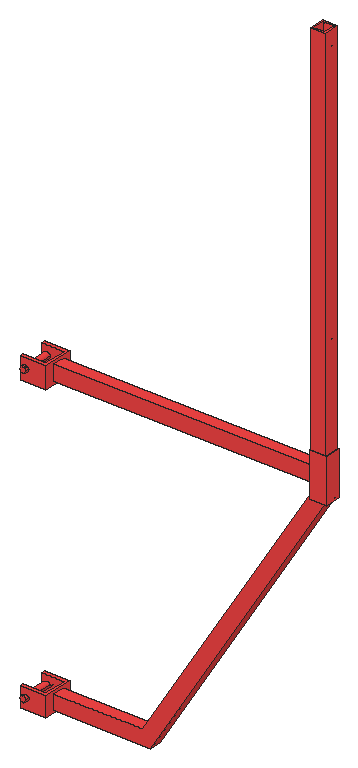
Revit family "SanCongTac-3", category Structural Framing, Revit 2019
Family settings
  Structural Framing Length Roundoff = 0 mm
  Section Shape = Not Defined
  Material for Model Behavior = Other
  Always export as geometry = No
  Work Plane-Based = No
  Always vertical = No
  Cut with Voids When Loaded = No
  Symbolic Representation = From Family
  Shared = No
  Show family pre-cut in plan views = Yes
Parameters
  Vat Lieu = Steel
  Structural Material [instance] = Steel
Reference planes
  plane 1 "Center (Front/Back)": y = 0
  plane 2: z = -14
  plane 3 "Center (Left/Right)": x = 0
  plane 4: x = 1000
  plane 5: z = -1014
Forms (mm)
  Extrusion 1, solid, material "Steel" <- "Vat Lieu"
    sketch origin (15, -50, -14) x (0, 1, 0) y (-1, 0, 0)
      loop
        line (0, 15) -> (0, -70) -> (100, -70) -> (100, 15) -> (90, 15) -> (90, -60) -> (10, -60) -> (10, 15) -> (0, 15)
    from -14 to 58.159
  Extrusion 2, solid, material "Steel" <- "Vat Lieu"
    sketch origin (0, 0, -10) x (1, 0, 0) y (0, 0, 1)
      loop
        circle (15.321, 21.443) r 10
    from -58.206 to 58.817
  Extrusion 3, solid, material "Steel" <- "Vat Lieu"
    sketch origin (0, 0, 0) x (0, 1, 0) y (0, 0, 1)
      loop
        line (-20, -14) -> (20, -14) -> (20, 36) -> (-20, 36) -> (-20, -14)
    from 1002.751 to 85
  Extrusion 4, solid, material "Steel" <- "Vat Lieu"
    sketch origin (115, -50, -14) x (0, 1, 0) y (-1, 0, 0)
      loop
        line (0, 115) -> (0, 30) -> (100, 30) -> (100, 115) -> (90, 115) -> (90, 40) -> (10, 40) -> (10, 115) -> (0, 115)
    from -1000 to -933.386
  Extrusion 5, solid, material "Steel"
    sketch origin (0, 0, -998.773) x (1, 0, 0) y (0, 0, 1)
      loop
        circle (15.321, 21.443) r 10
    from -58.206 to 58.817
  Extrusion 6, solid, material "Steel" <- "Vat Lieu"
    sketch origin (0, 0, -990) x (0, 1, 0) y (0, 0, 1)
      loop
        line (-20, -14) -> (20, -14) -> (20, 36) -> (-20, 36) -> (-20, -14)
    from 411.444 to 85
  Extrusion 7, solid, material "Steel" <- "Vat Lieu"
    sketch origin (463.006, 0, -895.065) x (0, 1, 0) y (-0.848048, 0, 0.529919)
      loop
        line (-20, -14) -> (20, -14) -> (20, 36) -> (-20, 36) -> (-20, -14)
    from 991.495 to -119.706
  Extrusion 8, solid, material "Steel" <- "Vat Lieu"
    sketch origin (964, 0, -149) x (1, 0, 0) y (0, 1, 0)
      loop
        line (-16.097, -25) -> (41.157, -25) -> (41.157, 25) -> (-16.097, 25) -> (-16.097, -25)
    from 232.344 to 85
Cuts and joins
  joined: Extrusion 1, Extrusion 2, Extrusion 3, Extrusion 4, Extrusion 6, Extrusion 7, Extrusion 8
Dimensions and locks
  aligned and locked: level to plane 2
Nested families
  nested 1: "Handrail Post CB" at (611.53, 0, 83.344), type "Handrail Post CB"
Definition of nested family "Handrail Post CB"
  Parameters (values of type "Handrail Post CB")
    Vat Lieu = none
  Reference planes
    plane 1 "Center (Front/Back)": y = 0
    plane 2: z = 0
    plane 3 "Center (Left/Right)": x = 0
    plane 4: x = 50
    plane 5: x = 150
    plane 6: x = 390
    plane 7: z = 190
    plane 8: z = 230
    plane 9: y = -5
    plane 10: y = -25
    plane 11: y = 25
    plane 12: z = 1270
    plane 13: z = 1220
    plane 14: z = 780
    plane 15: z = 340
  Forms (mm)
    Extrusion 1, solid, material <- "Vat Lieu"
      sketch origin (390, 0, 0) x (-1, 0, 0) y (0, -1, 0)
        loop
          line (0, 25) -> (0, -25) -> (50, -25) -> (50, 25) -> (0, 25)
        loop
          line (45, 20) -> (5, 20) -> (5, -20) -> (45, -20) -> (45, 20)
      from 0 to 1270
    Extrusion 2, void
      sketch origin (390, 0, 0) x (0, -1, 0) y (0, 0, 1)
        loop
          circle (0, 1220) r 4.5
        loop
          circle (0, 780) r 4.5
        loop
          circle (0, 340) r 4.5
      from 0 to 50
  Cuts and joins
    Extrusion 2 cuts Extrusion 1
  Dimensions and locks
    Extrusion 1 to plane 1 "Center (Front/Back)" = 25 mm
    aligned and locked: level to plane 2
